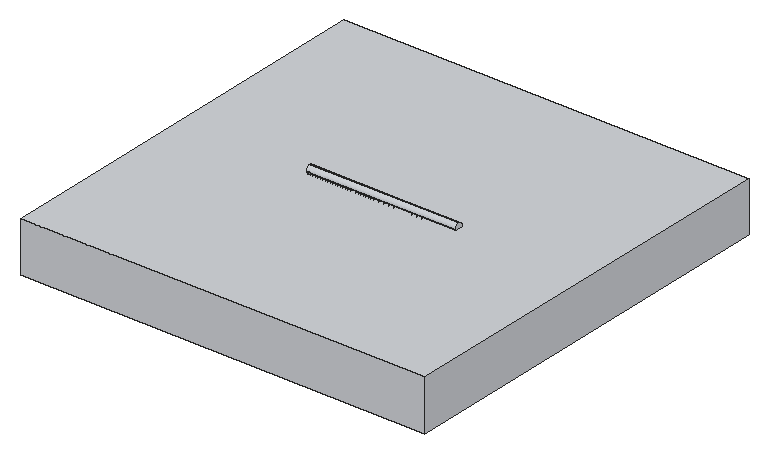
Revit family "設備サポート_I形(円形)_2020", category 一般モデル, Revit 2020
Family settings
  ホスト = 面
  鉄筋をホスト可能 = いいえ
  丸型コネクタ寸法 = 直径を使用
  パーツ タイプ = 標準
  ロード時にボイドで切り取り = いいえ
  共有 = いいえ
  部屋計算ポイント = いいえ
Parameters
  長さ1 [instance] = 900 mm
  構造マテリアル [instance] = none
  Default Elevation = 1219.2 mm
  幅1 [instance] = 50 mm
Reference planes
  plane 1 "中心(正面/背面)": y = 0
  plane 2: z = 0
  plane 3 "中心(左/右)": x = 0
  plane 4: y = 25
  plane 5: y = -25
  plane 6: z = 0
  plane 7: z = 25
  plane 8: z = -25
Forms (mm)
  Extrusion 1, solid
    sketch origin (0, 0, 0) x (1, 0, 0) y (0, 1, 0)
      loop
        line (-1219.2, 1219.2) -> (-1219.2, -1219.2) -> (1219.2, -1219.2) -> (1219.2, 1219.2) -> (-1219.2, 1219.2)
    from 0 to -304.8
  Extrusion 2, solid, material <- "構造マテリアル"
    sketch origin (0, 0, -37.5) x (0, 1, 0) y (0, 0, 1)
      loop
        arc (0, 62.5) -> (-17.678, 55.178) -> (-25, 37.5) r 25
        arc (-25, 37.5) -> (-17.678, 19.822) -> (0, 12.5) r 25
        arc (0, 12.5) -> (17.678, 19.822) -> (25, 37.5) r 25
        arc (25, 37.5) -> (17.678, 55.178) -> (0, 62.5) r 25
    from -450 to 450
Lines and regions (mm)
  reference lines
    curve 1: line (-450, -25, 0) -> (-450, 25, 0)
    curve 2: line (450, 25, 0) -> (450, -25, 0)
    curve 3: line (450, -25, 0) -> (-450, -25, 0)
    curve 4: line (-450, 25, 0) -> (450, 25, 0)
    curve 5: line (-450, 0, 25) -> (450, 0, 25)
Dimensions and locks
  equal spacing: curve 1, plane 3 "中心(左/右)", curve 2
  "長さ1": curve 1 to curve 2
  equal spacing: curve 5, plane 3 "中心(左/右)", curve 5
  equal spacing: curve 3, plane 3 "中心(左/右)", curve 3
  "長さ1": curve 5 to curve 5
  "長さ1": curve 3 to curve 3
  "幅1": curve 4 to curve 3
  equal spacing: curve 3, curve 5, curve 4
  "幅1": plane 4 to plane 5
  equal spacing: plane 4, plane 1 "中心(正面/背面)", plane 5
  Extrusion 2 to plane 6 = 0 mm
  equal spacing: plane 7, level, plane 8
  "幅1": plane 7 to plane 8
  aligned and locked: plane 2 to Extrusion 1
  aligned and locked: level to Extrusion 1
  aligned and locked: plane 4 to Extrusion 2 sketch curve
  aligned and locked: plane 5 to Extrusion 2 sketch curve
  aligned and locked: Extrusion 2 to curve 1
  aligned and locked: Extrusion 2 to curve 2
  aligned and locked: curve 5 to plane 7
Automatic sketch dimensions
  Extrusion 1 sketch curve to Extrusion 1 sketch curve = 2438.4 mm  (x2)
  Extrusion 2 sketch curve to Extrusion 2 sketch curve = 0 mm  (x13)
  Extrusion 2 sketch curve to level = 0 mm
  Extrusion 2 sketch curve to plane 1 "中心(正面/背面)" = 0 mm
